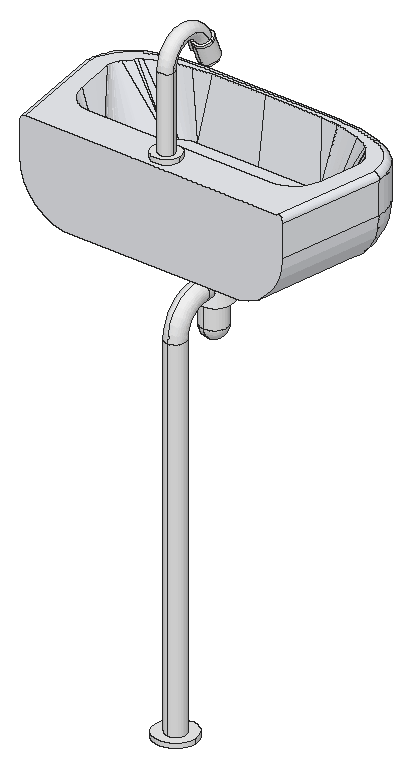
Revit family
Parameters (values of type "wasbak met vloerafvoer")
  vloeraansluiting sifon [instance] = yes
  muuraansluiting sifon [instance] = no
  muur tot hart afvoer = 129.5 mm
  kraan = Metal - chroom
  hoogte afvoer [instance] = hoogte - bakhoogte  # 720 mm
  hoogte = 870 mm
  hart sifon tot hart afvoer = 80 mm
  content creator = "www.revitlog.nl"
  ceramiek = ceramiek - porcelain
  bakhoogte = 150 mm
  afvoer = Metal - chroom
  aansluithoogte muuraansluiting = hoogte - bakhoogte - 80 mm  # 640 mm
  Waste Connection = yes
  Vent Connection = no
  HW Connection = yes
  CW Connection = yes
  Assembly Code = ""
Types (2, lengths in mm): name | vloeraansluiting sifon | muuraansluiting sifon
  wasbak met vloerafvoer | yes | no
  wasbak met wandafvoer | no | yes
Reference planes
  plane 1: y = 75
  plane 2 "Center (Left/Right)": x = 125
  plane 3 "Back": y = 75
  plane 4 "hoogte": z = 870
  plane 5: y = 204.531
  plane 6: z = 720
Forms (mm)
  Extrusion 1, solid, material "ceramiek - porcelain" <- "ceramiek"
    sketch origin (-8600, 602.373, 870) x (0, 1, 0) y (-1, 0, 0)
      loop
        line (-527.373, -8501.413) -> (-527.373, -8948.587) -> (-361.789, -8975.133)
        arc (-361.789, -8975.133) -> (-341.317, -8974.161) -> (-322.954, -8965.057) r 50
        arc (-322.954, -8965.057) -> (-309.976, -8954.745) -> (-298.656, -8942.636) r 112.348
        arc (-298.656, -8942.636) -> (-289.362, -8928.901) -> (-282.466, -8913.818) r 100
        arc (-282.466, -8913.818) -> (-275.837, -8891.383) -> (-271.873, -8868.328) r 200
        line (-271.873, -8868.328) -> (-268.45, -8837.82) -> (-268.45, -8612.18) -> (-271.873, -8581.672)
        arc (-271.873, -8581.672) -> (-275.736, -8558.593) -> (-282.466, -8536.182) r 185.992
        arc (-282.466, -8536.182) -> (-299.382, -8506.381) -> (-324.888, -8483.496) r 106.485
        arc (-324.888, -8483.496) -> (-342.489, -8475.55) -> (-361.789, -8474.867) r 50
        line (-361.789, -8474.867) -> (-527.373, -8501.413)
    from 0 to -150
  Sweep 2, void
    path origin (-8600, 602.373, 870) x (0, 1, 0) y (-1, 0, 0)
      loop
        line (-554.331, -8505.734) -> (-361.789, -8474.867)
        arc (-361.789, -8474.867) -> (-312.01, -8492.435) -> (-282.466, -8536.182) r 84.221
        arc (-282.466, -8536.182) -> (-271.983, -8573.54) -> (-268.45, -8612.18) r 213.04
        line (-268.45, -8612.18) -> (-268.45, -8837.82)
        arc (-268.45, -8837.82) -> (-271.983, -8876.46) -> (-282.466, -8913.818) r 213.04
        arc (-282.466, -8913.818) -> (-312.01, -8957.565) -> (-361.789, -8975.133) r 84.221
        line (-361.789, -8975.133) -> (-549.394, -8945.057)
    profile origin (-109.699, 144.313, 870) x (-0.987392, -0.158295, 0) y (0, 0, 1)
      loop
        line (48.238, -205.087) -> (48.238, 54.913) -> (-15, 54.913) -> (-15, 0)
        arc (-15, 0) -> (-7.929, -2.929) -> (-5, -10) r 10
        line (-5, -10) -> (-5, -62.59)
        arc (-5, -62.59) -> (-25.683, -119.564) -> (-78.098, -150) r 88.811
        line (-78.098, -150) -> (-78.098, -205.087) -> (48.238, -205.087)
  Blend 3, void
    base sketch origin (-8600, 602.373, 870) x (-1, 0, 0) y (0, -1, 0)
      loop
        line (-8623.145, 466.849) -> (-8826.855, 466.849)
        arc (-8826.855, 466.849) -> (-8840.246, 465.022) -> (-8852.66, 459.675) r 50
        line (-8852.66, 459.675) -> (-8863.6, 451.854)
        arc (-8863.6, 451.854) -> (-8894.216, 386.845) -> (-8864.713, 321.325) r 85.884
        arc (-8864.713, 321.325) -> (-8858.877, 316.676) -> (-8852.66, 312.551) r 85.884
        arc (-8852.66, 312.551) -> (-8840.246, 307.205) -> (-8826.855, 305.378) r 50
        line (-8826.855, 305.378) -> (-8725, 305.378) -> (-8623.145, 305.378)
        arc (-8623.145, 305.378) -> (-8609.754, 307.205) -> (-8597.34, 312.551) r 50
        arc (-8597.34, 312.551) -> (-8591.123, 316.676) -> (-8585.287, 321.325) r 85.884
        arc (-8585.287, 321.325) -> (-8555.784, 386.845) -> (-8586.4, 451.854) r 85.884
        line (-8586.4, 451.854) -> (-8597.34, 459.675)
        arc (-8597.34, 459.675) -> (-8609.754, 465.022) -> (-8623.145, 466.849) r 50
    top sketch origin (-8600, 602.373, 870) x (-1, 0, 0) y (0, -1, 0)
      loop
        arc (-8873.847, 466.849) -> (-8906.284, 454.899) -> (-8923.217, 424.763) r 50
        line (-8923.217, 424.763) -> (-8933.859, 358.379)
        arc (-8933.859, 358.379) -> (-8933.306, 346.728) -> (-8928.125, 336.278) r 28.454
        line (-8928.125, 336.278) -> (-8917.63, 322.941)
        arc (-8917.63, 322.941) -> (-8916.133, 321.246) -> (-8914.455, 319.731) r 20
        line (-8914.455, 319.731) -> (-8909.124, 315.438)
        arc (-8909.124, 315.438) -> (-8898.348, 308.147) -> (-8886.515, 302.736) r 78.454
        arc (-8886.515, 302.736) -> (-8866.497, 296.822) -> (-8845.925, 293.285) r 178.454
        line (-8845.925, 293.285) -> (-8815.417, 289.861) -> (-8725, 289.861) -> (-8634.583, 289.861) -> (-8604.075, 293.285)
        arc (-8604.075, 293.285) -> (-8583.503, 296.822) -> (-8563.485, 302.736) r 178.454
        arc (-8563.485, 302.736) -> (-8551.652, 308.147) -> (-8540.876, 315.438) r 78.454
        line (-8540.876, 315.438) -> (-8535.545, 319.731)
        arc (-8535.545, 319.731) -> (-8533.867, 321.246) -> (-8532.37, 322.941) r 20
        line (-8532.37, 322.941) -> (-8521.875, 336.278)
        arc (-8521.875, 336.278) -> (-8516.694, 346.728) -> (-8516.141, 358.379) r 28.454
        line (-8516.141, 358.379) -> (-8526.783, 424.763)
        arc (-8526.783, 424.763) -> (-8543.716, 454.899) -> (-8576.153, 466.849) r 50
        line (-8576.153, 466.849) -> (-8873.847, 466.849)
    from -100 to 0
Cuts and joins
  Sweep 2, Blend 3 cuts Extrusion 1
Lines and regions (mm)
  Masking region 1
    outline origin (0, 0, 0) x (1, 0, 0) y (0, 1, 0)
      loop
        line (-98.587, 75) -> (348.587, 75) -> (375.133, 240.584)
        arc (375.133, 240.584) -> (374.161, 261.056) -> (365.057, 279.419) r 50
        line (365.057, 279.419) -> (351.643, 296.465)
        arc (351.643, 296.465) -> (333.908, 310.084) -> (313.818, 319.907) r 111.921
        arc (313.818, 319.907) -> (291.407, 326.637) -> (268.328, 330.5) r 185.992
        line (268.328, 330.5) -> (237.82, 333.923) -> (125, 333.923) -> (12.18, 333.923) -> (-18.328, 330.5)
        arc (-18.328, 330.5) -> (-41.407, 326.637) -> (-63.818, 319.907) r 185.992
        arc (-63.818, 319.907) -> (-83.908, 310.084) -> (-101.643, 296.465) r 111.921
        line (-101.643, 296.465) -> (-115.057, 279.419)
        arc (-115.057, 279.419) -> (-124.161, 261.056) -> (-125.133, 240.584) r 50
        line (-125.133, 240.584) -> (-98.587, 75)
  symbolic lines
    curve 1: line (-98.587, 75, 0) -> (-125.133, 240.584, 0)
    curve 2: arc (-125.133, 240.584, 0) -> (-124.161, 261.056, 0) -> (-115.057, 279.419, 0) r 50
    curve 3: line (-115.057, 279.419, 0) -> (-101.643, 296.465, 0)
    curve 4: arc (-101.643, 296.465, 0) -> (-83.908, 310.084, 0) -> (-63.818, 319.907, 0) r 111.921
    curve 5: arc (-63.818, 319.907, 0) -> (-41.407, 326.637, 0) -> (-18.328, 330.5, 0) r 185.992
    curve 6: line (-18.328, 330.5, 0) -> (12.18, 333.923, 0)
    curve 7: line (12.18, 333.923, 0) -> (125, 333.923, 0)
    curve 8: line (348.587, 75, 0) -> (375.133, 240.584, 0)
    curve 9: arc (375.133, 240.584, 0) -> (374.161, 261.056, 0) -> (365.057, 279.419, 0) r 50
    curve 10: line (365.057, 279.419, 0) -> (351.643, 296.465, 0)
    curve 11: arc (351.643, 296.465, 0) -> (333.908, 310.084, 0) -> (313.818, 319.907, 0) r 111.921
    curve 12: arc (313.818, 319.907, 0) -> (291.407, 326.637, 0) -> (268.328, 330.5, 0) r 185.992
    curve 13: line (268.328, 330.5, 0) -> (237.82, 333.923, 0)
    curve 14: line (237.82, 333.923, 0) -> (125, 333.923, 0)
    curve 15: line (113, 135.525, 0) -> (-23.847, 135.525, 0)
    curve 16: arc (-23.847, 135.525, 0) -> (-56.284, 147.474, 0) -> (-73.217, 177.61, 0) r 50
    curve 17: line (-73.217, 177.61, 0) -> (-83.859, 243.994, 0)
    curve 18: arc (-83.859, 243.994, 0) -> (-83.306, 255.645, 0) -> (-78.125, 266.095, 0) r 28.454
    curve 19: line (-78.125, 266.095, 0) -> (-67.63, 279.432, 0)
    curve 20: arc (-67.63, 279.432, 0) -> (-66.133, 281.127, 0) -> (-64.455, 282.642, 0) r 20
    curve 21: line (-64.455, 282.642, 0) -> (-59.124, 286.935, 0)
    curve 22: arc (-59.124, 286.935, 0) -> (-48.348, 294.226, 0) -> (-36.515, 299.637, 0) r 78.454
    curve 23: arc (-36.515, 299.637, 0) -> (-16.497, 305.551, 0) -> (4.075, 309.088, 0) r 178.454
    curve 24: line (4.075, 309.088, 0) -> (34.583, 312.512, 0)
    curve 25: line (34.583, 312.512, 0) -> (125, 312.512, 0)
    curve 26: arc (23.145, 135.525, 0) -> (9.754, 137.351, 0) -> (-2.66, 142.698, 0) r 50
    curve 27: line (-2.66, 142.698, 0) -> (-13.6, 150.519, 0)
    curve 28: arc (-13.6, 150.519, 0) -> (-44.216, 215.528, 0) -> (-14.713, 281.048, 0) r 85.884
    curve 29: arc (-14.713, 281.048, 0) -> (-8.877, 285.697, 0) -> (-2.66, 289.822, 0) r 85.884
    curve 30: arc (-2.66, 289.822, 0) -> (9.754, 295.169, 0) -> (23.145, 296.995, 0) r 50
    curve 31: line (23.145, 296.995, 0) -> (125, 296.995, 0)
    curve 32: arc (226.855, 135.525, 0) -> (240.246, 137.351, 0) -> (252.66, 142.698, 0) r 50
    curve 33: line (252.66, 142.698, 0) -> (263.6, 150.519, 0)
    curve 34: arc (263.6, 150.519, 0) -> (294.216, 215.528, 0) -> (264.713, 281.048, 0) r 85.884
    curve 35: arc (264.713, 281.048, 0) -> (258.877, 285.697, 0) -> (252.66, 289.822, 0) r 85.884
    curve 36: arc (252.66, 289.822, 0) -> (240.246, 295.169, 0) -> (226.855, 296.995, 0) r 50
    curve 37: line (226.855, 296.995, 0) -> (125, 296.995, 0)
    curve 38: line (137, 135.525, 0) -> (273.847, 135.525, 0)
    curve 39: arc (273.847, 135.525, 0) -> (306.284, 147.474, 0) -> (323.217, 177.61, 0) r 50
    curve 40: line (323.217, 177.61, 0) -> (333.859, 243.994, 0)
    curve 41: arc (333.859, 243.994, 0) -> (333.306, 255.645, 0) -> (328.125, 266.095, 0) r 28.454
    curve 42: line (328.125, 266.095, 0) -> (317.63, 279.432, 0)
    curve 43: arc (317.63, 279.432, 0) -> (316.133, 281.127, 0) -> (314.455, 282.642, 0) r 20
    curve 44: line (314.455, 282.642, 0) -> (309.124, 286.935, 0)
    curve 45: arc (309.124, 286.935, 0) -> (298.348, 294.226, 0) -> (286.515, 299.637, 0) r 78.454
    curve 46: arc (286.515, 299.637, 0) -> (266.497, 305.551, 0) -> (245.925, 309.088, 0) r 178.454
    curve 47: line (245.925, 309.088, 0) -> (215.417, 312.512, 0)
    curve 48: line (215.417, 312.512, 0) -> (125, 312.512, 0)
    curve 49: arc (137, 124.557, 0) -> (125, 83.025, 0) -> (113, 124.557, 0) r 22.5
    curve 50: arc (137, 105.525, 0) -> (125, 93.525, 0) -> (113, 105.525, 0) r 12
    curve 51: line (113, 105.525, 0) -> (113, 180.168, 0)
    curve 52: arc (113, 180.168, 0) -> (125, 192.168, 0) -> (137, 180.168, 0) r 12
    curve 53: line (137, 180.168, 0) -> (137, 105.525, 0)
    curve 54: arc (113, 172.134, 0) -> (125, 196.876, 0) -> (137, 172.134, 0) r 15.281
    curve 55: line (109.784, 180.187, 0) -> (109.784, 196.896, 0)
    curve 56: line (109.784, 195.883, 0) -> (97, 195.883, 0)
    curve 57: line (97, 195.883, 0) -> (97, 180.187, 0)
    curve 58: line (97, 180.187, 0) -> (109.784, 180.187, 0)
    curve 59: line (97, 183.895, 0) -> (109.784, 183.895, 0)
    curve 60: line (140.216, 180.187, 0) -> (140.216, 196.896, 0)
    curve 61: arc (140.216, 196.896, 0) -> (125, 212.112, 0) -> (109.784, 196.896, 0) r 15.216
    curve 62: arc (106.966, 195.883, 0) -> (127.584, 224.363, 0) -> (140.216, 191.551, 0) r 20
Text (mm)
  text "Placement side" at (-1101.274, 387.895, 0), in view "Ref. Level"
  text "Placement side" at (0, 1827.695, 2917.686), in view "Left"
  text "Placement side" at (0, 562.268, 3853.606), in view "Right"
Dimensions and locks
  locked: plane 3 "Back" to host wall at 0
  "hoogte": plane 4 "hoogte" to level
  locked: Sweep 2 sketch curve to plane 4 "hoogte" at 54.913
  locked: Sweep 2 sketch curve to plane 4 "hoogte" at 205.087
  locked: plane 5 to host wall at 129.531
  "bakhoogte": plane 4 "hoogte" to plane 6
  locked: nested 1 to host wall at 30.525  (x2)
  locked: nested 2 to host wall at 129.531
  aligned and locked: nested 2 to plane 2 "Center (Left/Right)"
  aligned and locked: plane 1 to plane 3 "Back"
Automatic sketch dimensions
  profile plane to Sweep 2 sketch curve = 78.098 mm
  profile plane to Sweep 2 sketch curve = 15 mm
  profile plane to Sweep 2 sketch curve = 5 mm
  Sweep 2 sketch curve to profile plane = 48.238 mm
  Sweep 2 sketch curve to Sweep 2 sketch curve = 55.087 mm
  Sweep 2 sketch curve to Sweep 2 sketch curve = 52.59 mm
  Sweep 2 sketch curve to Sweep 2 sketch curve = 54.913 mm
  plane 1 to Sweep 2 sketch curve = 26.958 mm
  plane 1 to Sweep 2 sketch curve = 22.021 mm
  Sweep 2 sketch curve to plane 1 = 45.884 mm  (x2)
  Sweep 2 sketch curve to Sweep 2 sketch curve = 117.972 mm  (x2)
  Sweep 2 sketch curve to Sweep 2 sketch curve = 1.728 mm  (x2)
  Sweep 2 sketch curve to Sweep 2 sketch curve = 81.051 mm  (x2)
  Sweep 2 sketch curve to Sweep 2 sketch curve = 14.017 mm
  plane 2 "Center (Left/Right)" to Sweep 2 sketch curve = 250.133 mm
  Sweep 2 sketch curve to Sweep 2 sketch curve = 30.076 mm
  Sweep 2 sketch curve to Sweep 2 sketch curve = 61.315 mm
  Sweep 2 sketch curve to plane 2 "Center (Left/Right)" = 112.82 mm
  Sweep 2 sketch curve to Sweep 2 sketch curve = 22.888 mm
  Sweep 2 sketch curve to Sweep 2 sketch curve = 106.446 mm
  Extrusion 1 sketch curve to host wall = 0 mm
  host wall to Extrusion 1 sketch curve = 56.747 mm
  host wall to Extrusion 1 sketch curve = 70.492 mm
  Extrusion 1 sketch curve to Extrusion 1 sketch curve = 84.462 mm
  Extrusion 1 sketch curve to Extrusion 1 sketch curve = 74.558 mm
  Extrusion 1 sketch curve to Extrusion 1 sketch curve = 9.618 mm
  Extrusion 1 sketch curve to Extrusion 1 sketch curve = 14.757 mm
  Extrusion 1 sketch curve to Extrusion 1 sketch curve = 20.534 mm
  Extrusion 1 sketch curve to Extrusion 1 sketch curve = 7.915 mm  (x2)
  Extrusion 1 sketch curve to Extrusion 1 sketch curve = 36.902 mm
  Extrusion 1 sketch curve to Extrusion 1 sketch curve = 38.835 mm
  Extrusion 1 sketch curve to Extrusion 1 sketch curve = 24.298 mm
  Extrusion 1 sketch curve to Extrusion 1 sketch curve = 0 mm  (x3)
  Extrusion 1 sketch curve to Extrusion 1 sketch curve = 16.19 mm
  Extrusion 1 sketch curve to Extrusion 1 sketch curve = 42.421 mm
  Extrusion 1 sketch curve to Extrusion 1 sketch curve = 10.593 mm  (x2)
  Extrusion 1 sketch curve to Extrusion 1 sketch curve = 3.424 mm
  plane 2 "Center (Left/Right)" to Extrusion 1 sketch curve = 250.133 mm
  Extrusion 1 sketch curve to Extrusion 1 sketch curve = 10.076 mm
  Extrusion 1 sketch curve to Extrusion 1 sketch curve = 26.546 mm
  Extrusion 1 sketch curve to Extrusion 1 sketch curve = 22.421 mm
  Extrusion 1 sketch curve to Extrusion 1 sketch curve = 30.508 mm  (x2)
  Extrusion 1 sketch curve to plane 2 "Center (Left/Right)" = 112.82 mm
  Extrusion 1 sketch curve to plane 2 "Center (Left/Right)" = 124.225 mm
  Extrusion 1 sketch curve to Extrusion 1 sketch curve = 40.74 mm
  Extrusion 1 sketch curve to Extrusion 1 sketch curve = 99.363 mm
  Blend 3 sketch curve to Blend 3 sketch curve = 0 mm  (x8)
  Blend 3 sketch curve to plane 2 "Center (Left/Right)" = 0 mm  (x2)
  plane 2 "Center (Left/Right)" to Blend 3 sketch curve = 83.335 mm
  Blend 3 sketch curve to Blend 3 sketch curve = 18.519 mm  (x4)
  host wall to Blend 3 sketch curve = 67.698 mm  (x2)
  Blend 3 sketch curve to Blend 3 sketch curve = 25.805 mm  (x4)
  host wall to Blend 3 sketch curve = 75.519 mm  (x2)
  Blend 3 sketch curve to Blend 3 sketch curve = 10.94 mm  (x2)
  Blend 3 sketch curve to Blend 3 sketch curve = 12.053 mm  (x2)
  Blend 3 sketch curve to plane 2 "Center (Left/Right)" = 83.335 mm
  Blend 3 sketch curve to Blend 3 sketch curve = 42.827 mm
  Blend 3 sketch curve to Blend 3 sketch curve = 30.735 mm
  plane 2 "Center (Left/Right)" to Blend 3 sketch curve = 90.417 mm
  plane 2 "Center (Left/Right)" to Blend 3 sketch curve = 101.024 mm
  Blend 3 sketch curve to Blend 3 sketch curve = 30.508 mm  (x2)
  Blend 3 sketch curve to Blend 3 sketch curve = 13.996 mm  (x2)
  Blend 3 sketch curve to Blend 3 sketch curve = 13.926 mm
  Blend 3 sketch curve to Blend 3 sketch curve = 40.59 mm  (x2)
  Blend 3 sketch curve to Blend 3 sketch curve = 15.397 mm  (x2)
  Blend 3 sketch curve to Blend 3 sketch curve = 3.851 mm  (x2)
  Blend 3 sketch curve to Blend 3 sketch curve = 7.212 mm  (x2)
  Blend 3 sketch curve to Blend 3 sketch curve = 5.331 mm  (x2)
  Blend 3 sketch curve to Blend 3 sketch curve = 3.174 mm  (x2)
  Blend 3 sketch curve to Blend 3 sketch curve = 49.37 mm  (x2)
  Blend 3 sketch curve to Blend 3 sketch curve = 10.495 mm  (x2)
  Blend 3 sketch curve to Blend 3 sketch curve = 5.734 mm  (x2)
  Blend 3 sketch curve to Blend 3 sketch curve = 90.417 mm
  Blend 3 sketch curve to plane 2 "Center (Left/Right)" = 101.024 mm
  Blend 3 sketch curve to Blend 3 sketch curve = 47.823 mm
  host wall to Blend 3 sketch curve = 168.994 mm
  Blend 3 sketch curve to Blend 3 sketch curve = 4.504 mm
  host wall to Blend 3 sketch curve = 173.499 mm
  Blend 3 sketch curve to Blend 3 sketch curve = 17.596 mm
  Blend 3 sketch curve to Blend 3 sketch curve = 18.566 mm  (x2)
  Blend 3 sketch curve to Blend 3 sketch curve = 13.337 mm  (x2)
  Blend 3 sketch curve to Blend 3 sketch curve = 4.293 mm  (x2)
  Blend 3 sketch curve to Blend 3 sketch curve = 12.702 mm  (x2)
  Blend 3 sketch curve to Blend 3 sketch curve = 3.424 mm
  Blend 3 sketch curve to Blend 3 sketch curve = 40.302 mm  (x2)
  Blend 3 sketch curve to Blend 3 sketch curve = 7.915 mm
  Masking region 1 sketch curve to host wall = 0 mm
  Masking region 1 sketch curve to plane 2 "Center (Left/Right)" = 0 mm
  Masking region 1 sketch curve to Masking region 1 sketch curve = 112.82 mm
  Masking region 1 sketch curve to plane 5 = 59.039 mm  (x2)
  Masking region 1 sketch curve to plane 2 "Center (Left/Right)" = 124.225 mm
  Masking region 1 sketch curve to Masking region 1 sketch curve = 30.508 mm  (x2)
  plane 5 to Masking region 1 sketch curve = 10.421 mm  (x2)
  Masking region 1 sketch curve to Masking region 1 sketch curve = 25.724 mm  (x2)
  Masking region 1 sketch curve to Masking region 1 sketch curve = 45.49 mm  (x2)
  Masking region 1 sketch curve to Masking region 1 sketch curve = 0 mm  (x2)
  Masking region 1 sketch curve to Masking region 1 sketch curve = 50.815 mm  (x2)
  Masking region 1 sketch curve to Masking region 1 sketch curve = 99.363 mm  (x2)
  Masking region 1 sketch curve to Masking region 1 sketch curve = 37.825 mm
  plane 5 to Masking region 1 sketch curve = 74.888 mm
  Masking region 1 sketch curve to Masking region 1 sketch curve = 13.414 mm  (x2)
  plane 5 to Masking region 1 sketch curve = 36.053 mm  (x2)
  Masking region 1 sketch curve to Masking region 1 sketch curve = 10.076 mm  (x2)
  plane 2 "Center (Left/Right)" to Masking region 1 sketch curve = 112.82 mm
  plane 2 "Center (Left/Right)" to Masking region 1 sketch curve = 124.225 mm
  plane 5 to Masking region 1 sketch curve = 91.934 mm
  plane 5 to Masking region 1 sketch curve = 43.968 mm
  Masking region 1 sketch curve to Masking region 1 sketch curve = 3.424 mm
  curve 28 to curve 29 = 0 mm  (x2)
  curve 34 to curve 35 = 0 mm  (x2)
  curve 49 to curve 50 = 0 mm  (x2)
  curve 1 to host wall = 0 mm
  curve 49 to plane 2 "Center (Left/Right)" = 0 mm
  curve 31 to plane 2 "Center (Left/Right)" = 0 mm
  curve 61 to plane 2 "Center (Left/Right)" = 0 mm
  curve 25 to plane 2 "Center (Left/Right)" = 0 mm
  curve 54 to plane 2 "Center (Left/Right)" = 0 mm
  curve 62 to plane 2 "Center (Left/Right)" = 0 mm
  curve 14 to plane 2 "Center (Left/Right)" = 0 mm
  curve 8 to host wall = 0 mm
  curve 62 to plane 5 = 0 mm
  curve 54 to plane 2 "Center (Left/Right)" = 12 mm
  curve 61 to curve 61 = 15.216 mm
  curve 58 to curve 55 = 0 mm
  curve 62 to curve 56 = 2.818 mm
  curve 57 to curve 58 = 12.784 mm
  plane 5 to curve 28 = 11.729 mm
  curve 28 to curve 56 = 55.335 mm
  curve 25 to curve 25 = 90.417 mm
  curve 23 to curve 28 = 17.689 mm
  curve 26 to curve 23 = 0.831 mm
  curve 31 to curve 24 = 11.438 mm
  curve 7 to curve 24 = 22.403 mm
  curve 23 to curve 31 = 19.071 mm
  curve 5 to curve 26 = 22.37 mm
  curve 26 to curve 5 = 3.435 mm
  curve 29 to curve 23 = 6.734 mm
  curve 30 to curve 29 = 0 mm
  plane 5 to curve 22 = 21.296 mm
  curve 22 to curve 30 = 33.066 mm
  curve 27 to plane 5 = 54.011 mm
  curve 27 to curve 27 = 10.94 mm
  curve 29 to curve 29 = 12.053 mm
  curve 6 to curve 6 = 30.508 mm
  curve 15 to curve 28 = 10.247 mm
  plane 5 to curve 4 = 10.421 mm
  curve 4 to curve 22 = 15.028 mm
  curve 22 to curve 28 = 21.802 mm
  curve 23 to curve 22 = 0 mm
  curve 20 to curve 22 = 15.397 mm
  curve 18 to curve 20 = 3.851 mm
  curve 22 to curve 20 = 7.212 mm
  curve 5 to curve 22 = 4.694 mm
  curve 4 to curve 5 = 0 mm
  plane 5 to curve 21 = 78.112 mm
  curve 21 to curve 21 = 5.331 mm
  plane 5 to curve 19 = 74.902 mm
  curve 19 to curve 20 = 3.174 mm
  curve 16 to curve 16 = 49.37 mm
  curve 2 to curve 18 = 20 mm
  curve 18 to curve 20 = 10.495 mm
  plane 5 to curve 17 = 39.464 mm
  curve 17 to curve 2 = 8.096 mm
  curve 1 to curve 15 = 74.74 mm
  curve 4 to curve 20 = 34.014 mm
  plane 5 to curve 3 = 74.888 mm
  curve 3 to curve 4 = 13.414 mm
  plane 5 to curve 2 = 36.053 mm
  curve 2 to curve 2 = 10.076 mm
  plane 5 to curve 34 = 11.729 mm
  curve 60 to curve 34 = 68.119 mm
  plane 2 "Center (Left/Right)" to curve 48 = 90.417 mm
  curve 34 to curve 46 = 17.689 mm
  curve 47 to curve 37 = 11.438 mm
  curve 46 to curve 32 = 0.831 mm
  curve 47 to curve 13 = 22.403 mm
  curve 36 to curve 47 = 19.071 mm
  curve 32 to curve 12 = 22.37 mm
  curve 12 to curve 32 = 3.435 mm
  curve 46 to curve 35 = 6.734 mm
  curve 36 to curve 35 = 0 mm
  plane 5 to curve 45 = 21.296 mm
  curve 36 to curve 45 = 33.066 mm
  curve 32 to curve 34 = 10.94 mm
  curve 35 to curve 35 = 12.053 mm
  curve 13 to curve 12 = 30.508 mm
  curve 33 to curve 39 = 10.247 mm
  plane 5 to curve 11 = 10.421 mm
  curve 45 to curve 11 = 15.028 mm
  curve 35 to curve 46 = 21.802 mm
  curve 45 to curve 46 = 0 mm
  curve 46 to curve 43 = 15.397 mm
  curve 43 to curve 41 = 3.851 mm
  curve 43 to curve 45 = 7.212 mm
  curve 44 to curve 12 = 4.694 mm
  curve 11 to curve 12 = 0 mm
  curve 44 to curve 43 = 5.331 mm
  curve 44 to curve 43 = 3.174 mm
  curve 39 to curve 39 = 49.37 mm
  curve 41 to curve 9 = 20 mm
  plane 5 to curve 42 = 61.564 mm
  curve 43 to curve 42 = 10.495 mm
  curve 9 to curve 41 = 8.096 mm
  curve 38 to curve 8 = 74.74 mm
  plane 5 to curve 10 = 91.934 mm
  curve 42 to curve 10 = 34.014 mm
  curve 10 to curve 9 = 13.414 mm
  plane 5 to curve 8 = 36.053 mm
  curve 9 to curve 8 = 10.076 mm
  host wall to curve 49 = 30.525 mm
  curve 50 to curve 49 = 19.033 mm
  curve 46 to curve 12 = 13.744 mm
  curve 23 to curve 27 = 18.772 mm
  curve 23 to curve 26 = 3.777 mm
  curve 46 to curve 32 = 3.777 mm
  curve 26 to curve 27 = 7.821 mm
  curve 32 to curve 12 = 2.794 mm
  curve 26 to curve 5 = 2.794 mm
  curve 54 to plane 5 = 32.396 mm
  curve 17 to plane 5 = 26.921 mm
  curve 39 to plane 5 = 26.921 mm
  curve 54 to curve 52 = 8.034 mm
  curve 52 to curve 58 = 0.019 mm
  curve 58 to curve 59 = 3.709 mm
  curve 60 to curve 62 = 11.364 mm
  curve 62 to curve 60 = 5.345 mm
  curve 41 to curve 41 = 22.1 mm
  curve 18 to curve 20 = 18.566 mm
  curve 40 to curve 9 = 4.504 mm
  curve 41 to curve 43 = 18.566 mm
  curve 42 to curve 44 = 7.503 mm
  curve 37 to curve 47 = 15.517 mm
  curve 47 to curve 13 = 24.835 mm
Nested families
  nested 1: "74_hansa_nova_toiletkraan" at (125, 105.525, 870) x (-1, 0, 0) z (0, 0, 1), built-in parameter 1001364 <- "hoogte", type "74_hansa_nova_toiletkraan"
  nested 2: "74_bekersifon" at (125, 204.531, 0) x (-1, 0, 0) z (0, 0, 1), vloeraansluiting <- "vloeraansluiting sifon", muuraansluiting <- "muuraansluiting sifon", aansluithoogte <- "hoogte afvoer", muuraansluitinghoogte <- "aansluithoogte muuraansluiting", muur tot hart <- "muur tot hart afvoer", hart buis hart sifon <- "hart sifon tot hart afvoer", type "74_bekersifon"
    with vloeraansluiting yes, muuraansluitinghoogte 640 mm, muuraansluiting no, muur tot hart 129.5 mm, hart buis hart sifon 80 mm, aansluithoogte 720 mm
Definition of nested family "74_hansa_nova_toiletkraan"
  Parameters (values of type "74_hansa_nova_toiletkraan")
    kraan = Metal - chroom
    content creator = "www.revitlog.nl"
    Assembly Code = ""
  Reference planes
    plane 1 "Center (Front/Back)": y = 0
    plane 2: z = 0
    plane 3 "Center (Left/Right)": x = 0
    plane 4: z = 100
    plane 5: y = -80
    plane 6: z = 155.4
    plane 7: through (0, -91.126, 104.495) normal (0, 0.9272, -0.3746)
  Forms (mm)
    Extrusion 1, solid, material "Metal - chroom" <- "kraan"
      sketch origin (0, 0, 0) x (1, 0, 0) y (0, 1, 0)
        loop
          circle (0, 0) r 22.5
      from 0 to 7
    Sweep 2, solid, material "Metal - chroom" <- "kraan"
      path origin (0, 0, 0) x (0, 1, 0) y (0, 0, 1)
        loop
          line (-12, 7) -> (-12, 128.2)
          arc (-12, 128.2) -> (-34.031, 154.932) -> (-64.48, 138.414) r 27.234
      profile origin (0, -12, 67.6) x (0, -1, 0) y (1, 0, 0)
        loop
          circle (-12, 0) r 12
    Sweep 3, solid, material "Metal - chroom" <- "kraan"
      path origin (0, 0, 0) x (0, 1, 0) y (0, 0, 1)
        loop
          line (-76.517, 140.655) -> (-88.504, 110.986)
      profile "profiel straat 16 : profiel straat 16" origin (0, -82.51, 125.821) x (0, 0.927184, -0.374607) y (1, 0, 0)
        loop
          circle (0, 0) r 16
    Extrusion 4, solid, material "Metal - chroom" <- "kraan"
      sketch origin (0, 64.681, 41.545) x (1, 0, 0) y (0, 0.927184, -0.374607)
        loop
          circle (0, -168.043) r 12
      from 0 to 7
    Extrusion 5, solid, material "Metal - chroom" <- "kraan"
      sketch origin (0, -139.812, -10.667) x (1, 0, 0) y (0, -0.374607, -0.927184)
        loop
          line (16, -132.014) -> (16, -164.014) -> (28, -164.014) -> (28, -132.014) -> (16, -132.014)
      from 0 to 4
    Sweep 6, solid, material "Metal - chroom" <- "kraan"
      path origin (0, 88.212, 74.101) x (1, 0, 0) y (0, 0.927184, -0.374607)
        loop
          circle (0, -177.666) r 16
      profile origin (0, -61.682, 134.662) x (0, -0.927184, 0.374607) y (0, 0.374607, 0.927184)
        loop
          line (0, 0) -> (4, 0) -> (4, 5) -> (0, 3) -> (0, 0)
  Lines and regions (mm)
    symbolic lines
      curve 1: arc (0, -12, 128.2) -> (0, -34.01, 154.9) -> (0, -64.419, 138.389) r 27.2
      curve 2: line (0, -64.48, 138.414) -> (0, -75.234, 111.796)
      curve 3: arc (-12, -19.033, 0) -> (0, 22.5, 0) -> (12, -19.033, 0) r 22.5
      curve 4: arc (-12, 0, 0) -> (0, 12, 0) -> (12, 0, 0) r 12
      curve 5: line (12, -74.644, 0) -> (12, 0, 0)
      curve 6: arc (12, -74.644, 0) -> (0, -86.644, 0) -> (-12, -74.644, 0) r 12
      curve 7: arc (-12, -66.61, 0) -> (0, -91.351, 0) -> (12, -66.61, 0) r 15.281
      curve 8: arc (-16, -89.244, 0) -> (-0.557, -105.235, 0) -> (15.961, -90.358, 0) r 16
      curve 9: line (16, -74.662, 0) -> (28, -74.662, 0)
      curve 10: line (28, -74.662, 0) -> (28, -90.358, 0)
      curve 11: line (28, -90.358, 0) -> (15.961, -90.358, 0)
      curve 12: line (28, -78.371, 0) -> (16, -78.371, 0)
      curve 13: line (-12, -74.644, 0) -> (-12, 0, 0)
Definition of nested family "74_bekersifon"
  Parameters (values of type "74_bekersifon")
    vloeraansluiting [instance] = yes
    sifon = Metal - chroom
    muuraansluitinghoogte [instance] = 600 mm
    muuraansluiting [instance] = no
    muur tot hart [instance] = 200 mm
    hart buis hart sifon [instance] = 120 mm
    content creator = "www.revitlog.nl"
    aansluithoogte [instance] = 700 mm
    Assembly Code = ""
  Reference planes
    plane 1 "Center (Front/Back)": y = 0
    plane 2: z = 0
    plane 3 "Center (Left/Right)": x = 0
    plane 4 "bovenaamsluiting": z = 700
    plane 5 "muuraansluitinghoogte": z = 600
    plane 6 "muur": y = 200
    plane 7: z = 693
    plane 8 "bovenzijde sifon": z = 623
    plane 9: z = 518
    plane 10: y = 120
  Forms (mm)
    Extrusion 1, solid, material "Metal - chroom" <- "sifon"
      sketch origin (0, 0, 0) x (1, 0, 0) y (0, 1, 0)
        loop
          circle (0, 0) r 35
      from 700 to 693
    Extrusion 2, solid, material "Metal - chroom" <- "sifon"
      sketch origin (0, 0, 0) x (1, 0, 0) y (0, 1, 0)
        loop
          circle (0, 0) r 16
      from 693 to 623
    Sweep 3, solid, material "Metal - chroom" <- "sifon", visible <- "muuraansluiting"
      path origin (0, 0, 0) x (0, 1, 0) y (0, 0, 1)
        loop
          line (200, 600) -> (0, 600)
      profile origin (0, 100, 600) x (0, 0, -1) y (1, 0, 0)
        loop
          circle (0, 0) r 16
    Extrusion 4, solid, material "Metal - chroom" <- "sifon", visible <- "muuraansluiting"
      sketch origin (0, 200, 869.655) x (0, 0, 1) y (-1, 0, 0)
        loop
          circle (-269.655, 0) r 33
      from 0 to 7
    Sweep 5, solid, material "Metal - chroom" <- "sifon", visible <- "vloeraansluiting"
      path origin (0, 0, 0) x (0, 1, 0) y (0, 0, 1)
        loop
          line (120, 0) -> (120, 550)
          arc (120, 550) -> (105.355, 585.355) -> (70, 600) r 50
          line (70, 600) -> (0, 600)
      profile origin (0, 120, 275) x (0, -1, 0) y (1, 0, 0)
        loop
          circle (0, 0) r 16
    Extrusion 6, solid, material "Metal - chroom" <- "sifon", visible <- "vloeraansluiting"
      sketch origin (0, 0, 0) x (1, 0, 0) y (0, 1, 0)
        loop
          circle (0, 120) r 33
      from 0 to 7
    Revolve 7, solid, material "Metal - chroom" <- "sifon"
      sketch origin (0, 0, -85) x (0, 1, 0) y (0, 0, 1)
        loop
          line (0, 662) -> (0, 603)
          arc (0, 603) -> (14.849, 609.151) -> (21, 624) r 21
          line (21, 624) -> (21, 662) -> (0, 662)
        axis (0, 603) -> (0, 662)
      angle from 0 to 360
    Revolve 8, solid, material "Metal - chroom" <- "sifon"
      sketch origin (0, 0, 0) x (0, 1, 0) y (0, 0, 1)
        loop
          line (0, 623) -> (0, 577) -> (30, 577) -> (21.059, 623) -> (0, 623)
        axis (0, 577) -> (0, 623)
      angle from 0 to 360
    Revolve 9, solid, material "Metal - chroom" <- "sifon"
      sketch origin (0, 0, 0) x (0, 1, 0) y (0, 0, 1)
        loop
          line (20.38, 623) -> (20.38, 628)
          arc (20.38, 628) -> (18.916, 631.536) -> (15.38, 633) r 5
          line (15.38, 633) -> (0, 633) -> (0, 623) -> (20.38, 623)
        axis (0, 623) -> (0, 633)
      angle from 0 to 360
  Dimensions and locks
    "aansluithoogte": plane 4 "bovenaamsluiting" to level
    "muuraansluitinghoogte": plane 5 "muuraansluitinghoogte" to level
    "muur tot hart": plane 6 "muur" to plane 1 "Center (Front/Back)"
    locked: plane 4 "bovenaamsluiting" to plane 7 at 7
    locked: plane 8 "bovenzijde sifon" to plane 5 "muuraansluitinghoogte" at 23
    locked: plane 8 "bovenzijde sifon" to plane 9 at 105
    "hart buis hart sifon": plane 10 to plane 1 "Center (Front/Back)"
    locked: Revolve 9 sketch curve to Revolve 9 sketch curve at 10
    aligned and locked: plane 4 "bovenaamsluiting" to Extrusion 1
    aligned and locked: Extrusion 1 to plane 7
    aligned and locked: Extrusion 2 to plane 8 "bovenzijde sifon"
    aligned and locked: plane 7 to Extrusion 2
    aligned and locked: Sweep 3 sketch curve to plane 5 "muuraansluitinghoogte"
    aligned and locked: plane 6 "muur" to Sweep 3 sketch curve
    aligned and locked: plane 1 "Center (Front/Back)" to Sweep 3 sketch curve
    aligned and locked: plane 1 "Center (Front/Back)" to Sweep 5 sketch curve
    aligned and locked: Sweep 5 sketch curve to plane 5 "muuraansluitinghoogte"
    aligned and locked: level to Sweep 5 sketch curve
    aligned and locked: plane 10 to Sweep 5 sketch curve
    aligned and locked: plane 9 to Revolve 7 sketch curve
    aligned and locked: Revolve 8 sketch curve to plane 8 "bovenzijde sifon"
    aligned and locked: Revolve 8 to Revolve 7
    aligned and locked: plane 8 "bovenzijde sifon" to Revolve 9 sketch curve
  Automatic sketch dimensions
    Extrusion 1 sketch curve to plane 1 "Center (Front/Back)" = 0 mm
    Extrusion 1 sketch curve to plane 3 "Center (Left/Right)" = 0 mm
    Extrusion 2 sketch curve to plane 1 "Center (Front/Back)" = 0 mm
    Extrusion 2 sketch curve to plane 3 "Center (Left/Right)" = 0 mm
    Sweep 3 sketch curve to plane 3 "Center (Left/Right)" = 0 mm
    Sweep 3 sketch curve to profile plane = 0 mm
    Extrusion 4 sketch curve to plane 3 "Center (Left/Right)" = 0 mm
    Extrusion 4 sketch curve to plane 5 "muuraansluitinghoogte" = 0 mm
    plane 10 to Sweep 5 sketch curve = 50 mm
    Sweep 5 sketch curve to plane 3 "Center (Left/Right)" = 0 mm
    Sweep 5 sketch curve to profile plane = 0 mm
    Extrusion 6 sketch curve to plane 3 "Center (Left/Right)" = 0 mm
    Extrusion 6 sketch curve to plane 10 = 0 mm
    Revolve 7 sketch curve to plane 1 "Center (Front/Back)" = 0 mm  (x2)
    Revolve 7 sketch curve to plane 7 = 0 mm
    Revolve 7 sketch curve to Revolve 7 sketch curve = 21 mm
    Revolve 7 sketch curve to Revolve 7 sketch curve = 205 mm
    Revolve 7 sketch curve to plane 5 "muuraansluitinghoogte" = 23 mm
    Revolve 8 sketch curve to plane 1 "Center (Front/Back)" = 0 mm  (x2)
    Revolve 8 sketch curve to Revolve 8 sketch curve = 21.059 mm
    Revolve 8 sketch curve to Revolve 8 sketch curve = 30 mm
    Revolve 8 sketch curve to plane 5 "muuraansluitinghoogte" = 23 mm
    Revolve 8 sketch curve to Revolve 8 sketch curve = 24 mm
    Revolve 8 sketch curve to plane 7 = 25 mm
    Revolve 9 sketch curve to plane 1 "Center (Front/Back)" = 0 mm  (x2)
    Revolve 9 sketch curve to Revolve 9 sketch curve = 15.38 mm
    plane 8 "bovenzijde sifon" to Revolve 9 sketch curve = 5 mm
    plane 5 "muuraansluitinghoogte" to Revolve 9 sketch curve = 8.384 mm
    Revolve 9 sketch curve to Revolve 9 sketch curve = 17.213 mm
    radius of Extrusion 1 sketch curve = 35 mm
    radius of Extrusion 2 sketch curve = 16 mm
    radius of Sweep 3 sketch curve = 16 mm
    radius of Extrusion 4 sketch curve = 33 mm
    radius of Sweep 5 sketch curve = 16 mm
    radius of Extrusion 6 sketch curve = 33 mm
